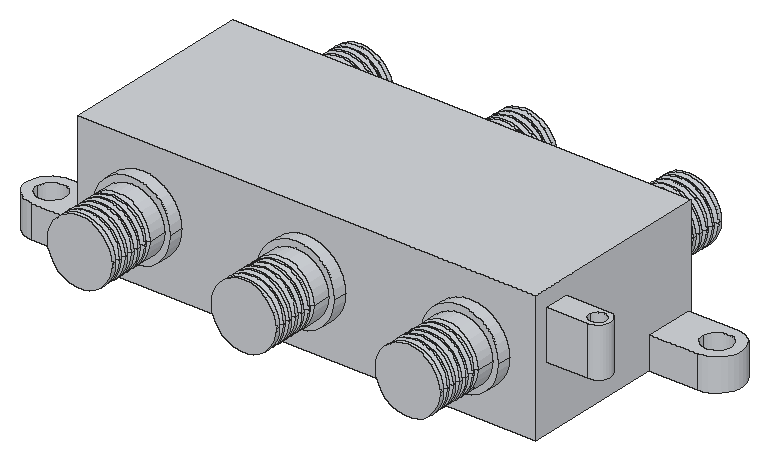
Revit family "Derivador 417-423-426", category Aparatos eléctricos, Revit 2019 (continued)
Automatic sketch dimensions
  Revolve 43 sketch curve to Revolve 43 sketch curve = 0.456 mm
  Revolve 43 sketch curve to Revolve 43 sketch curve = 0.912 mm
  Revolve 43 sketch curve to Revolve 43 sketch curve = 5.00 mm
  Revolve 43 sketch curve to Revolve 43 sketch curve = 0.97 mm
  Revolve 43 sketch curve to Revolve 43 sketch curve = 10.574 mm
  Revolve 44 sketch curve to Revolve 44 sketch curve = 0.79 mm
  Revolve 44 sketch curve to Revolve 44 sketch curve = 0.456 mm
  Revolve 44 sketch curve to Revolve 44 sketch curve = 0.912 mm
  Revolve 44 sketch curve to Revolve 44 sketch curve = 5.00 mm
  Revolve 44 sketch curve to Revolve 44 sketch curve = 2.082 mm
  Revolve 44 sketch curve to Revolve 44 sketch curve = 9.461 mm
  Revolve 45 sketch curve to Revolve 45 sketch curve = 0.79 mm
  Revolve 45 sketch curve to Revolve 45 sketch curve = 0.456 mm
  Revolve 46 sketch curve to Revolve 46 sketch curve = 0.79 mm
  Revolve 46 sketch curve to Revolve 46 sketch curve = 0.456 mm
  Revolve 46 sketch curve to Revolve 46 sketch curve = 4.21 mm
  Revolve 47 sketch curve to Revolve 47 sketch curve = 0.79 mm
  Revolve 47 sketch curve to Revolve 47 sketch curve = 0.456 mm
  Revolve 47 sketch curve to Revolve 47 sketch curve = 4.21 mm
  Revolve 47 sketch curve to Revolve 47 sketch curve = 4.318 mm
  Revolve 48 sketch curve to Revolve 48 sketch curve = 0.79 mm
  Revolve 48 sketch curve to Revolve 48 sketch curve = 0.456 mm
  Revolve 48 sketch curve to Revolve 48 sketch curve = 3.118 mm
  Revolve 45 sketch curve to Revolve 45 sketch curve = 0.912 mm
  Revolve 45 sketch curve to Revolve 45 sketch curve = 5.00 mm
  Revolve 45 sketch curve to Revolve 45 sketch curve = 3.282 mm
  Revolve 45 sketch curve to Revolve 45 sketch curve = 8.261 mm
  Revolve 46 sketch curve to Revolve 46 sketch curve = 0.912 mm
  Revolve 46 sketch curve to Revolve 46 sketch curve = 4.482 mm
  Revolve 46 sketch curve to Revolve 46 sketch curve = 5.518 mm
  Revolve 47 sketch curve to Revolve 47 sketch curve = 0.912 mm
  Revolve 47 sketch curve to Revolve 47 sketch curve = 5.682 mm
  Revolve 48 sketch curve to Revolve 48 sketch curve = 0.912 mm
  Revolve 48 sketch curve to Revolve 48 sketch curve = 4.21 mm
  Revolve 48 sketch curve to Revolve 48 sketch curve = 6.882 mm
  Revolve 51 sketch curve to Revolve 51 sketch curve = 0.79 mm
  Revolve 51 sketch curve to Revolve 51 sketch curve = 0.456 mm
  Revolve 51 sketch curve to Revolve 51 sketch curve = 0.912 mm
  Revolve 51 sketch curve to Revolve 51 sketch curve = 5.00 mm
  Revolve 51 sketch curve to Revolve 51 sketch curve = 0.97 mm
  Revolve 51 sketch curve to Revolve 51 sketch curve = 10.574 mm
  Revolve 52 sketch curve to Revolve 52 sketch curve = 0.79 mm
  Revolve 52 sketch curve to Revolve 52 sketch curve = 0.456 mm
  Revolve 52 sketch curve to Revolve 52 sketch curve = 0.912 mm
  Revolve 52 sketch curve to Revolve 52 sketch curve = 5.00 mm
  Revolve 52 sketch curve to Revolve 52 sketch curve = 2.082 mm
  Revolve 52 sketch curve to Revolve 52 sketch curve = 9.461 mm
  Revolve 53 sketch curve to Revolve 53 sketch curve = 0.79 mm
  Revolve 53 sketch curve to Revolve 53 sketch curve = 0.456 mm
  Revolve 54 sketch curve to Revolve 54 sketch curve = 0.79 mm
  Revolve 54 sketch curve to Revolve 54 sketch curve = 0.456 mm
  Revolve 54 sketch curve to Revolve 54 sketch curve = 4.21 mm
  Revolve 55 sketch curve to Revolve 55 sketch curve = 0.79 mm
  Revolve 55 sketch curve to Revolve 55 sketch curve = 0.456 mm
  Revolve 55 sketch curve to Revolve 55 sketch curve = 4.21 mm
  Revolve 55 sketch curve to Revolve 55 sketch curve = 4.318 mm
  Revolve 56 sketch curve to Revolve 56 sketch curve = 0.79 mm
  Revolve 56 sketch curve to Revolve 56 sketch curve = 0.456 mm
  Revolve 56 sketch curve to Revolve 56 sketch curve = 3.118 mm
  Revolve 53 sketch curve to Revolve 53 sketch curve = 0.912 mm
  Revolve 53 sketch curve to Revolve 53 sketch curve = 5.00 mm
  Revolve 53 sketch curve to Revolve 53 sketch curve = 3.282 mm
  Revolve 53 sketch curve to Revolve 53 sketch curve = 8.261 mm
  Revolve 54 sketch curve to Revolve 54 sketch curve = 0.912 mm
  Revolve 54 sketch curve to Revolve 54 sketch curve = 4.482 mm
  Revolve 54 sketch curve to Revolve 54 sketch curve = 5.518 mm
  Revolve 55 sketch curve to Revolve 55 sketch curve = 0.912 mm
  Revolve 55 sketch curve to Revolve 55 sketch curve = 5.682 mm
  Revolve 56 sketch curve to Revolve 56 sketch curve = 0.912 mm
  Revolve 56 sketch curve to Revolve 56 sketch curve = 4.21 mm
  Revolve 56 sketch curve to Revolve 56 sketch curve = 6.882 mm
  Extrusion 1 sketch curve to plane 4 "Centro I/E" = 0.00 mm
  Extrusion 1 sketch curve to plane 5 "Centro I/F" = 0.00 mm
  plane 7 "Centro I/H" to Extrusion 1 sketch curve = 0.00 mm
  plane 6 "Centro I/G" to Extrusion 1 sketch curve = 0.00 mm
  curve 1 to curve 2 = 3.75 mm
  curve 1 to curve 1 = 7.50 mm
  curve 3 to curve 1 = 0.00 mm
  curve 4 to curve 5 = 3.75 mm
  curve 4 to curve 4 = 7.50 mm
  curve 6 to curve 4 = 0.00 mm
  curve 7 to curve 8 = 3.75 mm
  curve 7 to curve 7 = 7.50 mm
  curve 9 to curve 7 = 0.00 mm
  Revolve 59 sketch curve to Revolve 59 sketch curve = 0.79 mm
  Revolve 59 sketch curve to Revolve 59 sketch curve = 0.456 mm
  Revolve 59 sketch curve to Revolve 59 sketch curve = 0.912 mm
  Revolve 59 sketch curve to Revolve 59 sketch curve = 5.00 mm
  Revolve 59 sketch curve to Revolve 59 sketch curve = 0.97 mm
  Revolve 59 sketch curve to Revolve 59 sketch curve = 10.574 mm
  Revolve 60 sketch curve to Revolve 60 sketch curve = 0.79 mm
  Revolve 60 sketch curve to Revolve 60 sketch curve = 0.456 mm
  Revolve 60 sketch curve to Revolve 60 sketch curve = 0.912 mm
  Revolve 60 sketch curve to Revolve 60 sketch curve = 5.00 mm
  Revolve 60 sketch curve to Revolve 60 sketch curve = 2.082 mm
  Revolve 60 sketch curve to Revolve 60 sketch curve = 9.461 mm
  Revolve 61 sketch curve to Revolve 61 sketch curve = 0.79 mm
  Revolve 61 sketch curve to Revolve 61 sketch curve = 0.456 mm
  Revolve 62 sketch curve to Revolve 62 sketch curve = 0.79 mm
  Revolve 62 sketch curve to Revolve 62 sketch curve = 0.456 mm
  Revolve 62 sketch curve to Revolve 62 sketch curve = 4.21 mm
  Revolve 63 sketch curve to Revolve 63 sketch curve = 0.79 mm
  Revolve 63 sketch curve to Revolve 63 sketch curve = 0.456 mm
  Revolve 63 sketch curve to Revolve 63 sketch curve = 4.21 mm
  Revolve 63 sketch curve to Revolve 63 sketch curve = 4.318 mm
  Revolve 64 sketch curve to Revolve 64 sketch curve = 0.79 mm
  Revolve 64 sketch curve to Revolve 64 sketch curve = 0.456 mm
  Revolve 64 sketch curve to Revolve 64 sketch curve = 3.118 mm
  Revolve 61 sketch curve to Revolve 61 sketch curve = 0.912 mm
  Revolve 61 sketch curve to Revolve 61 sketch curve = 5.00 mm
  Revolve 61 sketch curve to Revolve 61 sketch curve = 3.282 mm
  Revolve 61 sketch curve to Revolve 61 sketch curve = 8.261 mm
  Revolve 62 sketch curve to Revolve 62 sketch curve = 0.912 mm
  Revolve 62 sketch curve to Revolve 62 sketch curve = 4.482 mm
  Revolve 62 sketch curve to Revolve 62 sketch curve = 5.518 mm
  Revolve 63 sketch curve to Revolve 63 sketch curve = 0.912 mm
  Revolve 63 sketch curve to Revolve 63 sketch curve = 5.682 mm
  Revolve 64 sketch curve to Revolve 64 sketch curve = 0.912 mm
  Revolve 64 sketch curve to Revolve 64 sketch curve = 4.21 mm
  Revolve 64 sketch curve to Revolve 64 sketch curve = 6.882 mm
  Revolve 67 sketch curve to Revolve 67 sketch curve = 0.79 mm
  Revolve 67 sketch curve to Revolve 67 sketch curve = 0.456 mm
  Revolve 67 sketch curve to Revolve 67 sketch curve = 0.912 mm
  Revolve 67 sketch curve to Revolve 67 sketch curve = 5.00 mm
  Revolve 67 sketch curve to Revolve 67 sketch curve = 0.97 mm
  Revolve 67 sketch curve to Revolve 67 sketch curve = 10.574 mm
  Revolve 68 sketch curve to Revolve 68 sketch curve = 0.79 mm
  Revolve 68 sketch curve to Revolve 68 sketch curve = 0.456 mm
  Revolve 68 sketch curve to Revolve 68 sketch curve = 0.912 mm
  Revolve 68 sketch curve to Revolve 68 sketch curve = 5.00 mm
  Revolve 68 sketch curve to Revolve 68 sketch curve = 2.082 mm
  Revolve 68 sketch curve to Revolve 68 sketch curve = 9.461 mm
  Revolve 69 sketch curve to Revolve 69 sketch curve = 0.79 mm
  Revolve 69 sketch curve to Revolve 69 sketch curve = 0.456 mm
  Revolve 70 sketch curve to Revolve 70 sketch curve = 0.79 mm
  Revolve 70 sketch curve to Revolve 70 sketch curve = 0.456 mm
  Revolve 70 sketch curve to Revolve 70 sketch curve = 4.21 mm
  Revolve 71 sketch curve to Revolve 71 sketch curve = 0.79 mm
  Revolve 71 sketch curve to Revolve 71 sketch curve = 0.456 mm
  Revolve 71 sketch curve to Revolve 71 sketch curve = 4.21 mm
  Revolve 71 sketch curve to Revolve 71 sketch curve = 4.318 mm
  Revolve 72 sketch curve to Revolve 72 sketch curve = 0.79 mm
  Revolve 72 sketch curve to Revolve 72 sketch curve = 0.456 mm
  Revolve 72 sketch curve to Revolve 72 sketch curve = 3.118 mm
  Revolve 69 sketch curve to Revolve 69 sketch curve = 0.912 mm
  Revolve 69 sketch curve to Revolve 69 sketch curve = 5.00 mm
  Revolve 69 sketch curve to Revolve 69 sketch curve = 3.282 mm
  Revolve 69 sketch curve to Revolve 69 sketch curve = 8.261 mm
  Revolve 70 sketch curve to Revolve 70 sketch curve = 0.912 mm
  Revolve 70 sketch curve to Revolve 70 sketch curve = 4.482 mm
  Revolve 70 sketch curve to Revolve 70 sketch curve = 5.518 mm
  Revolve 71 sketch curve to Revolve 71 sketch curve = 0.912 mm
  Revolve 71 sketch curve to Revolve 71 sketch curve = 5.682 mm
  Revolve 72 sketch curve to Revolve 72 sketch curve = 0.912 mm
  Revolve 72 sketch curve to Revolve 72 sketch curve = 4.21 mm
  Revolve 72 sketch curve to Revolve 72 sketch curve = 6.882 mm
  curve 10 to curve 12 = 10.00 mm
  curve 11 to curve 12 = 10.00 mm
  curve 10 to curve 10 = 10.00 mm
  curve 13 to curve 15 = 10.00 mm
  curve 14 to curve 15 = 10.00 mm
  curve 13 to curve 13 = 10.00 mm
  curve 16 to curve 18 = 10.00 mm
  curve 17 to curve 18 = 10.00 mm
  curve 16 to curve 16 = 10.00 mm
  curve 19 to curve 21 = 10.00 mm
  curve 20 to curve 21 = 10.00 mm
  curve 19 to curve 19 = 10.00 mm
  curve 22 to curve 24 = 10.00 mm
  curve 22 to curve 22 = 10.00 mm
  curve 24 to curve 23 = 10.00 mm
  curve 25 to curve 27 = 10.00 mm
  curve 25 to curve 25 = 10.00 mm
  curve 27 to curve 26 = 10.00 mm
  curve 28 to curve 30 = 10.00 mm
  curve 28 to curve 28 = 10.00 mm
  curve 30 to curve 29 = 10.00 mm
  curve 31 to curve 33 = 10.00 mm
  curve 31 to curve 31 = 10.00 mm
  curve 33 to curve 32 = 10.00 mm
  curve 35 to curve 35 = 1.956 mm
  curve 34 to curve 34 = 6.519 mm
  curve 36 to curve 34 = 0.00 mm
  curve 38 to curve 38 = 1.956 mm
  curve 37 to curve 37 = 6.519 mm
  curve 39 to curve 37 = 0.00 mm
  curve 166 to curve 161 = 0.00 mm
  curve 160 to curve 160 = 0.528 mm
  curve 158 to curve 157 = 0.762 mm
  curve 157 to curve 164 = 0.297 mm
  curve 163 to curve 167 = 0.066 mm
  curve 157 to curve 168 = 0.534 mm
  curve 168 to curve 156 = 0.131 mm
  curve 156 to curve 156 = 0.766 mm
  curve 167 to curve 251 = 1.141 mm
  curve 250 to curve 249 = 0.208 mm
  curve 250 to curve 252 = 0.451 mm
  curve 248 to curve 236 = 0.034 mm
  curve 169 to curve 170 = 0.555 mm
  curve 248 to curve 236 = 0.957 mm
  curve 235 to curve 170 = 0.219 mm
  curve 254 to curve 254 = 0.153 mm
  curve 254 to curve 235 = 0.047 mm
  curve 254 to curve 233 = 0.153 mm
  curve 235 to curve 234 = 0.421 mm
  curve 169 to curve 253 = 1.622 mm
  curve 234 to curve 173 = 0.892 mm
  curve 233 to curve 234 = 0.494 mm
  curve 234 to curve 223 = 0.033 mm
  curve 234 to curve 218 = 0.145 mm
  curve 223 to curve 221 = 0.253 mm
  curve 234 to curve 175 = 0.469 mm
  curve 175 to curve 174 = 0.035 mm
  curve 220 to curve 220 = 0.231 mm
  curve 173 to curve 171 = 0.544 mm
  curve 172 to curve 178 = 0.167 mm
  curve 220 to curve 219 = 0.239 mm
  curve 220 to curve 218 = 0.03 mm
  curve 218 to curve 258 = 0.262 mm
  curve 174 to curve 175 = 1.005 mm
  curve 175 to curve 176 = 0.019 mm
  curve 176 to curve 177 = 0.019 mm
  curve 177 to curve 179 = 0.521 mm
  curve 224 to curve 225 = 2.403 mm
  curve 219 to curve 219 = 1.704 mm
  curve 171 to curve 182 = 0.451 mm
  curve 176 to curve 217 = 1.04 mm
  curve 226 to curve 223 = 0.091 mm
  curve 219 to curve 261 = 0.132 mm
  curve 226 to curve 226 = 0.224 mm
  curve 223 to curve 260 = 0.186 mm
  curve 216 to curve 256 = 0.198 mm
  curve 219 to curve 255 = 0.264 mm
  curve 223 to curve 222 = 0.25 mm
  curve 257 to curve 257 = 0.079 mm
  curve 256 to curve 216 = 0.085 mm
  curve 257 to curve 213 = 0.079 mm
  curve 183 to curve 184 = 0.423 mm
  curve 226 to curve 227 = 0.265 mm
  curve 183 to curve 180 = 0.477 mm
  curve 180 to curve 183 = 0.103 mm
  curve 216 to curve 215 = 0.283 mm
  curve 183 to curve 237 = 0.078 mm
  curve 183 to curve 239 = 0.15 mm
  curve 261 to curve 230 = 0.785 mm
  curve 239 to curve 237 = 0.716 mm
  curve 260 to curve 222 = 1.428 mm
  curve 184 to curve 188 = 0.222 mm
  curve 229 to curve 259 = 0.771 mm
  curve 255 to curve 259 = 0.177 mm
  curve 232 to curve 213 = 0.184 mm
  curve 187 to curve 189 = 0.491 mm
  curve 242 to curve 186 = 0.058 mm
  curve 186 to curve 185 = 0.094 mm
  curve 213 to curve 214 = 0.215 mm
  curve 242 to curve 242 = 0.296 mm
  curve 214 to curve 215 = 0.215 mm
  curve 221 to curve 229 = 0.971 mm
  curve 232 to curve 232 = 0.687 mm
  curve 241 to curve 241 = 1.19 mm
  curve 185 to curve 246 = 0.35 mm
  curve 244 to curve 191 = 0.244 mm
  curve 244 to curve 190 = 0.487 mm
  curve 190 to curve 201 = 0.395 mm
  curve 192 to curve 193 = 0.505 mm
  curve 193 to curve 195 = 0.728 mm
  curve 195 to curve 199 = 0.096 mm
  curve 194 to curve 200 = 0.38 mm
  curve 195 to curve 197 = 0.571 mm
  curve 196 to curve 198 = 0.498 mm
  curve 197 to curve 204 = 0.342 mm
  curve 205 to curve 206 = 0.473 mm
  curve 205 to curve 205 = 0.513 mm
  curve 203 to curve 203 = 0.526 mm
  curve 203 to curve 208 = 0.167 mm
  curve 205 to curve 206 = 1.00 mm
  curve 207 to curve 207 = 0.019 mm
  curve 207 to curve 208 = 0.019 mm
  curve 208 to curve 247 = 0.521 mm
  curve 248 to curve 192 = 0.00 mm
  curve 190 to curve 192 = 0.00 mm
  curve 159 to curve 156 = 0.00 mm
  curve 192 to curve 196 = 0.00 mm
  curve 197 to curve 247 = 0.00 mm
  curve 243 to curve 244 = 0.00 mm
  curve 240 to curve 185 = 0.00 mm
  curve 171 to curve 181 = 0.054 mm
  curve 248 to curve 236 = 0.264 mm
  curve 236 to curve 234 = 0.006 mm
  curve 202 to curve 247 = 0.481 mm
  curve 171 to curve 240 = 0.481 mm
  curve 209 to curve 203 = 0.045 mm
  curve 185 to curve 241 = 0.529 mm
  curve 242 to curve 186 = 0.015 mm
  curve 179 to curve 172 = 0.063 mm
  curve 209 to curve 209 = 0.208 mm
  curve 179 to curve 178 = 0.208 mm
  curve 235 to curve 170 = 0.23 mm
  curve 254 to curve 254 = 0.057 mm
  curve 186 to curve 189 = 0.273 mm
  curve 159 to curve 158 = 1.074 mm
  curve 158 to curve 157 = 0.007 mm
  curve 157 to curve 168 = 0.047 mm
  curve 196 to curve 195 = 1.145 mm
  curve 195 to curve 199 = 0.077 mm
  curve 199 to curve 196 = 0.066 mm
  curve 186 to curve 239 = 0.852 mm
  curve 208 to curve 207 = 0.653 mm
  curve 176 to curve 176 = 0.655 mm
  curve 158 to curve 162 = 0.537 mm
  curve 183 to curve 237 = 0.071 mm
  curve 162 to curve 163 = 0.327 mm
  curve 163 to curve 167 = 0.025 mm
  curve 167 to curve 251 = 0.256 mm
  curve 200 to curve 244 = 0.066 mm
  curve 248 to curve 169 = 0.036 mm
  curve 174 to curve 253 = 0.567 mm
  curve 250 to curve 249 = 0.48 mm
  curve 190 to curve 191 = 0.48 mm
  curve 184 to curve 187 = 0.577 mm
  curve 184 to curve 217 = 1.486 mm
  curve 215 to curve 216 = 0.485 mm
  curve 216 to curve 213 = 0.487 mm
  curve 213 to curve 257 = 0.114 mm
  curve 188 to curve 215 = 2.071 mm
  curve 214 to curve 214 = 0.391 mm
  curve 256 to curve 217 = 0.633 mm
  curve 217 to curve 258 = 0.516 mm
  curve 256 to curve 258 = 0.414 mm
  curve 214 to curve 259 = 0.624 mm
  curve 218 to curve 219 = 0.453 mm
  curve 232 to curve 232 = 0.429 mm
  curve 232 to curve 259 = 0.454 mm
  curve 219 to curve 220 = 0.425 mm
  curve 231 to curve 231 = 0.574 mm
  curve 255 to curve 261 = 0.692 mm
  curve 261 to curve 255 = 0.234 mm
  curve 261 to curve 229 = 0.572 mm
  curve 220 to curve 224 = 1.445 mm
  curve 229 to curve 228 = 0.918 mm
  curve 228 to curve 222 = 0.53 mm
  curve 223 to curve 224 = 1.024 mm
  curve 221 to curve 260 = 0.346 mm
  curve 228 to curve 227 = 1.054 mm
  curve 260 to curve 223 = 0.339 mm
  curve 222 to curve 226 = 0.556 mm
  curve 226 to curve 227 = 0.376 mm
  curve 212 to curve 176 = 0.431 mm
  curve 176 to curve 212 = 0.172 mm
  curve 211 to curve 207 = 0.431 mm
  curve 207 to curve 211 = 0.172 mm
  curve 211 to curve 207 = 0.06 mm
  curve 212 to curve 176 = 0.062 mm
  curve 317 to curve 312 = 0.00 mm
  curve 311 to curve 311 = 0.528 mm
  curve 309 to curve 308 = 0.762 mm
  curve 308 to curve 315 = 0.297 mm
  curve 314 to curve 318 = 0.066 mm
  curve 308 to curve 319 = 0.534 mm
  curve 319 to curve 307 = 0.131 mm
  curve 307 to curve 307 = 0.766 mm
  curve 318 to curve 402 = 1.141 mm
  curve 401 to curve 400 = 0.208 mm
  curve 401 to curve 403 = 0.451 mm
  curve 399 to curve 387 = 0.034 mm
  curve 320 to curve 321 = 0.555 mm
  curve 399 to curve 387 = 0.957 mm
  curve 386 to curve 321 = 0.219 mm
  curve 405 to curve 405 = 0.153 mm
  curve 405 to curve 386 = 0.047 mm
  curve 405 to curve 384 = 0.153 mm
  curve 386 to curve 385 = 0.421 mm
  curve 320 to curve 404 = 1.622 mm
  curve 385 to curve 324 = 0.892 mm
  curve 384 to curve 385 = 0.494 mm
  curve 385 to curve 374 = 0.033 mm
  curve 385 to curve 369 = 0.145 mm
  curve 374 to curve 372 = 0.253 mm
  curve 385 to curve 326 = 0.469 mm
  curve 326 to curve 325 = 0.035 mm
  curve 371 to curve 371 = 0.231 mm
  curve 324 to curve 322 = 0.544 mm
  curve 323 to curve 329 = 0.167 mm
  curve 371 to curve 370 = 0.239 mm
  curve 371 to curve 369 = 0.03 mm
  curve 369 to curve 409 = 0.262 mm
  curve 325 to curve 326 = 1.005 mm
  curve 326 to curve 327 = 0.019 mm
  curve 327 to curve 328 = 0.019 mm
  curve 328 to curve 330 = 0.521 mm
  curve 375 to curve 376 = 2.403 mm
  curve 370 to curve 370 = 1.704 mm
  curve 322 to curve 333 = 0.451 mm
  curve 327 to curve 368 = 1.04 mm
  curve 377 to curve 374 = 0.091 mm
  curve 370 to curve 412 = 0.132 mm
  curve 377 to curve 377 = 0.224 mm
  curve 374 to curve 411 = 0.186 mm
  curve 367 to curve 407 = 0.198 mm
  curve 370 to curve 406 = 0.264 mm
  curve 374 to curve 373 = 0.25 mm
  curve 408 to curve 408 = 0.079 mm
  curve 407 to curve 367 = 0.085 mm
  curve 408 to curve 364 = 0.079 mm
  curve 334 to curve 335 = 0.423 mm
  curve 377 to curve 378 = 0.265 mm
  curve 334 to curve 331 = 0.477 mm
  curve 331 to curve 334 = 0.103 mm
  curve 367 to curve 366 = 0.283 mm
  curve 334 to curve 388 = 0.078 mm
  curve 334 to curve 390 = 0.15 mm
  curve 412 to curve 381 = 0.785 mm
  curve 390 to curve 388 = 0.716 mm
  curve 411 to curve 373 = 1.428 mm
  curve 335 to curve 339 = 0.222 mm
  curve 380 to curve 410 = 0.771 mm
  curve 406 to curve 410 = 0.177 mm
  curve 383 to curve 364 = 0.184 mm
  curve 338 to curve 340 = 0.491 mm
  curve 393 to curve 337 = 0.058 mm
  curve 337 to curve 336 = 0.094 mm
  curve 364 to curve 365 = 0.215 mm
  curve 393 to curve 393 = 0.296 mm
  curve 365 to curve 366 = 0.215 mm
  curve 372 to curve 380 = 0.971 mm
  curve 383 to curve 383 = 0.687 mm
  curve 392 to curve 392 = 1.19 mm
  curve 336 to curve 397 = 0.35 mm
  curve 395 to curve 342 = 0.244 mm
  curve 395 to curve 341 = 0.487 mm
  curve 341 to curve 352 = 0.395 mm
  curve 343 to curve 344 = 0.505 mm
  curve 344 to curve 346 = 0.728 mm
  curve 346 to curve 350 = 0.096 mm
  curve 345 to curve 351 = 0.38 mm
  curve 346 to curve 348 = 0.571 mm
  curve 347 to curve 349 = 0.498 mm
  curve 348 to curve 355 = 0.342 mm
  curve 356 to curve 357 = 0.473 mm
  curve 356 to curve 356 = 0.513 mm
  curve 354 to curve 354 = 0.526 mm
  curve 354 to curve 359 = 0.167 mm
  curve 356 to curve 357 = 1.00 mm
  curve 358 to curve 358 = 0.019 mm
  curve 358 to curve 359 = 0.019 mm
  curve 359 to curve 398 = 0.521 mm
  curve 399 to curve 343 = 0.00 mm
  curve 341 to curve 343 = 0.00 mm
  curve 310 to curve 307 = 0.00 mm
  curve 343 to curve 347 = 0.00 mm
  curve 348 to curve 398 = 0.00 mm
  curve 394 to curve 395 = 0.00 mm
  curve 391 to curve 336 = 0.00 mm
  curve 322 to curve 332 = 0.054 mm
  curve 399 to curve 387 = 0.264 mm
  curve 387 to curve 385 = 0.006 mm
  curve 353 to curve 398 = 0.481 mm
  curve 322 to curve 391 = 0.481 mm
  curve 360 to curve 354 = 0.045 mm
  curve 336 to curve 392 = 0.529 mm
  curve 393 to curve 337 = 0.015 mm
  curve 330 to curve 323 = 0.063 mm
  curve 360 to curve 360 = 0.208 mm
  curve 330 to curve 329 = 0.208 mm
  curve 386 to curve 321 = 0.23 mm
  curve 405 to curve 405 = 0.057 mm
  curve 337 to curve 340 = 0.273 mm
  curve 310 to curve 309 = 1.074 mm
  curve 309 to curve 308 = 0.007 mm
  curve 308 to curve 319 = 0.047 mm
  curve 347 to curve 346 = 1.145 mm
  curve 346 to curve 350 = 0.077 mm
  curve 350 to curve 347 = 0.066 mm
  curve 337 to curve 390 = 0.852 mm
  curve 359 to curve 358 = 0.653 mm
  curve 327 to curve 327 = 0.655 mm
  curve 309 to curve 313 = 0.537 mm
  curve 334 to curve 388 = 0.071 mm
  curve 313 to curve 314 = 0.327 mm
  curve 314 to curve 318 = 0.025 mm
  curve 318 to curve 402 = 0.256 mm
  curve 351 to curve 395 = 0.066 mm
  curve 399 to curve 320 = 0.036 mm
  curve 325 to curve 404 = 0.567 mm
  curve 401 to curve 400 = 0.48 mm
  curve 341 to curve 342 = 0.48 mm
  curve 335 to curve 338 = 0.577 mm
  curve 335 to curve 368 = 1.486 mm
  curve 366 to curve 367 = 0.485 mm
  curve 367 to curve 364 = 0.487 mm
  curve 364 to curve 408 = 0.114 mm
  curve 339 to curve 366 = 2.071 mm
  curve 365 to curve 365 = 0.391 mm
  curve 407 to curve 368 = 0.633 mm
  curve 368 to curve 409 = 0.516 mm
  curve 407 to curve 409 = 0.414 mm
  curve 365 to curve 410 = 0.624 mm
  curve 369 to curve 370 = 0.453 mm
  curve 383 to curve 383 = 0.429 mm
  curve 383 to curve 410 = 0.454 mm
  curve 370 to curve 371 = 0.425 mm
  curve 382 to curve 382 = 0.574 mm
  curve 406 to curve 412 = 0.692 mm
  curve 412 to curve 406 = 0.234 mm
  curve 412 to curve 380 = 0.572 mm
  curve 371 to curve 375 = 1.445 mm
  curve 380 to curve 379 = 0.918 mm
  curve 379 to curve 373 = 0.53 mm
  curve 374 to curve 375 = 1.024 mm
  curve 372 to curve 411 = 0.346 mm
  curve 379 to curve 378 = 1.054 mm
  curve 411 to curve 374 = 0.339 mm
  curve 373 to curve 377 = 0.556 mm
  curve 377 to curve 378 = 0.376 mm
  curve 363 to curve 327 = 0.431 mm
  curve 327 to curve 363 = 0.172 mm
  curve 362 to curve 358 = 0.431 mm
  curve 358 to curve 362 = 0.172 mm
  curve 362 to curve 358 = 0.06 mm
  curve 363 to curve 327 = 0.062 mm
  curve 271 to curve 267 = 0.00 mm
  curve 271 to curve 79 = 0.023 mm
  curve 267 to curve 264 = 0.431 mm
  curve 78 to curve 74 = 0.857 mm
  curve 264 to curve 264 = 0.621 mm
  curve 263 to curve 270 = 0.242 mm
  curve 269 to curve 273 = 0.054 mm
  curve 263 to curve 274 = 0.436 mm
  curve 274 to curve 262 = 0.107 mm
  curve 262 to curve 274 = 0.625 mm
  curve 274 to curve 277 = 0.412 mm
  curve 74 to curve 155 = 1.925 mm
  curve 277 to curve 276 = 0.228 mm
  curve 277 to curve 278 = 0.426 mm
  curve 275 to curve 286 = 0.307 mm
  curve 280 to curve 280 = 0.628 mm
  curve 84 to curve 81 = 1.411 mm
  curve 81 to curve 83 = 0.027 mm
  curve 82 to curve 73 = 1.65 mm
  curve 74 to curve 79 = 0.052 mm
  curve 281 to curve 282 = 0.536 mm
  curve 283 to curve 287 = 0.621 mm
  curve 284 to curve 290 = 0.249 mm
  curve 290 to curve 292 = 0.396 mm
  curve 290 to curve 291 = 0.425 mm
  curve 289 to curve 289 = 0.443 mm
  curve 289 to curve 296 = 0.136 mm
  curve 292 to curve 292 = 0.82 mm
  curve 292 to curve 293 = 0.015 mm
  curve 293 to curve 294 = 0.015 mm
  curve 294 to curve 303 = 0.424 mm
  curve 292 to curve 299 = 0.727 mm
  curve 299 to curve 300 = 0.40 mm
  curve 300 to curve 76 = 0.018 mm
  curve 305 to curve 298 = 0.048 mm
  curve 298 to curve 297 = 0.077 mm
  curve 301 to curve 305 = 0.242 mm
  curve 73 to curve 83 = 3.606 mm
  curve 300 to curve 77 = 0.905 mm
  curve 304 to curve 304 = 0.97 mm
  curve 275 to curve 281 = 0.017 mm
  curve 282 to curve 297 = 0.043 mm
  curve 303 to curve 297 = 0.00 mm
  curve 277 to curve 266 = 0.06 mm
  curve 277 to curve 262 = 0.06 mm
  curve 289 to curve 296 = 0.392 mm
  curve 297 to curve 304 = 0.431 mm
  curve 305 to curve 298 = 0.012 mm
  curve 296 to curve 289 = 0.052 mm
  curve 296 to curve 295 = 0.169 mm
  curve 298 to curve 301 = 0.223 mm
  curve 265 to curve 265 = 0.876 mm
  curve 264 to curve 264 = 0.005 mm
  curve 263 to curve 274 = 0.038 mm
  curve 294 to curve 293 = 0.534 mm
  curve 264 to curve 267 = 0.438 mm
  curve 268 to curve 269 = 0.266 mm
  curve 269 to curve 273 = 0.02 mm
  curve 291 to curve 281 = 0.366 mm
  curve 291 to curve 287 = 0.366 mm
  curve 280 to curve 278 = 0.008 mm
  curve 275 to curve 276 = 0.392 mm
  curve 292 to curve 301 = 0.451 mm
  curve 284 to curve 287 = 0.536 mm
  curve 300 to curve 77 = 0.37 mm
  curve 272 to curve 74 = 0.891 mm
  curve 285 to curve 83 = 1.45 mm
  curve 84 to curve 82 = 1.465 mm
  curve 81 to curve 84 = 0.298 mm
  curve 84 to curve 155 = 0.644 mm
  curve 82 to curve 81 = 3.417 mm
  curve 82 to curve 74 = 2.948 mm
  curve 74 to curve 80 = 0.911 mm
  curve 82 to curve 73 = 1.642 mm
  curve 73 to curve 76 = 0.288 mm
  curve 73 to curve 80 = 0.35 mm
  curve 302 to curve 293 = 0.352 mm
  curve 80 to curve 77 = 0.236 mm
  curve 293 to curve 302 = 0.14 mm
  curve 302 to curve 293 = 0.051 mm
  curve 435 to curve 431 = 0.00 mm
  curve 435 to curve 419 = 0.023 mm
  curve 431 to curve 428 = 0.431 mm
  curve 418 to curve 414 = 0.857 mm
  curve 428 to curve 428 = 0.621 mm
  curve 427 to curve 434 = 0.242 mm
  curve 433 to curve 437 = 0.054 mm
  curve 427 to curve 438 = 0.436 mm
  curve 438 to curve 426 = 0.107 mm
  curve 426 to curve 438 = 0.625 mm
  curve 438 to curve 441 = 0.412 mm
  curve 414 to curve 425 = 1.925 mm
  curve 441 to curve 440 = 0.228 mm
  curve 441 to curve 442 = 0.426 mm
  curve 439 to curve 450 = 0.307 mm
  curve 444 to curve 444 = 0.628 mm
  curve 424 to curve 421 = 1.411 mm
  curve 421 to curve 423 = 0.027 mm
  curve 422 to curve 413 = 1.65 mm
  curve 414 to curve 419 = 0.052 mm
  curve 445 to curve 446 = 0.536 mm
  curve 447 to curve 451 = 0.621 mm
  curve 448 to curve 454 = 0.249 mm
  curve 454 to curve 456 = 0.396 mm
  curve 454 to curve 455 = 0.425 mm
  curve 453 to curve 453 = 0.443 mm
  curve 453 to curve 460 = 0.136 mm
  curve 456 to curve 456 = 0.82 mm
  curve 456 to curve 457 = 0.015 mm
  curve 457 to curve 458 = 0.015 mm
  curve 458 to curve 467 = 0.424 mm
  curve 456 to curve 463 = 0.727 mm
  curve 463 to curve 464 = 0.40 mm
  curve 464 to curve 416 = 0.018 mm
  curve 469 to curve 462 = 0.048 mm
  curve 462 to curve 461 = 0.077 mm
  curve 465 to curve 469 = 0.242 mm
  curve 413 to curve 423 = 3.606 mm
  curve 464 to curve 417 = 0.905 mm
  curve 468 to curve 468 = 0.97 mm
  curve 439 to curve 445 = 0.017 mm
  curve 446 to curve 461 = 0.043 mm
  curve 467 to curve 461 = 0.00 mm
  curve 441 to curve 430 = 0.06 mm
  curve 441 to curve 426 = 0.06 mm
  curve 453 to curve 460 = 0.392 mm
  curve 461 to curve 468 = 0.431 mm
  curve 469 to curve 462 = 0.012 mm
  curve 460 to curve 453 = 0.052 mm
  curve 460 to curve 459 = 0.169 mm
  curve 462 to curve 465 = 0.223 mm
  curve 429 to curve 429 = 0.876 mm
  curve 428 to curve 428 = 0.005 mm
  curve 427 to curve 438 = 0.038 mm
  curve 458 to curve 457 = 0.534 mm
  curve 428 to curve 431 = 0.438 mm
  curve 432 to curve 433 = 0.266 mm
  curve 433 to curve 437 = 0.02 mm
  curve 455 to curve 445 = 0.366 mm
  curve 455 to curve 451 = 0.366 mm
  curve 444 to curve 442 = 0.008 mm
  curve 439 to curve 440 = 0.392 mm
  curve 456 to curve 465 = 0.451 mm
  curve 448 to curve 451 = 0.536 mm
  curve 464 to curve 417 = 0.37 mm
  curve 436 to curve 414 = 0.891 mm
  curve 449 to curve 423 = 1.45 mm
  curve 424 to curve 422 = 1.465 mm
  curve 421 to curve 424 = 0.298 mm
  curve 424 to curve 425 = 0.644 mm
  curve 422 to curve 421 = 3.417 mm
  curve 422 to curve 414 = 2.948 mm
  curve 414 to curve 420 = 0.911 mm
  curve 422 to curve 413 = 1.642 mm
  curve 413 to curve 416 = 0.288 mm
  curve 413 to curve 420 = 0.35 mm
  curve 466 to curve 457 = 0.352 mm
  curve 420 to curve 417 = 0.236 mm
  curve 457 to curve 466 = 0.14 mm
  curve 466 to curve 457 = 0.051 mm
  curve 119 to curve 139 = 0.00 mm  (x2)
  curve 121 to curve 136 = 0.00 mm  (x2)
  curve 131 to curve 144 = 0.243 mm
  curve 131 to curve 119 = 1.15 mm
  curve 130 to curve 151 = 1.047 mm
  curve 150 to curve 146 = 0.408 mm
  curve 119 to curve 122 = 1.377 mm
  curve 122 to curve 138 = 0.169 mm
  curve 146 to curve 150 = 0.923 mm
  curve 146 to curve 149 = 0.00 mm
  curve 146 to curve 152 = 0.956 mm
  curve 153 to curve 153 = 0.088 mm
  curve 134 to curve 136 = 0.663 mm
  curve 145 to curve 147 = 0.715 mm
  curve 147 to curve 154 = 0.06 mm
  curve 154 to curve 149 = 0.06 mm
  curve 121 to curve 135 = 0.665 mm
  curve 135 to curve 137 = 0.169 mm
  curve 120 to curve 141 = 0.166 mm
  curve 145 to curve 129 = 2.136 mm
  curve 121 to curve 124 = 0.79 mm
  curve 128 to curve 143 = 0.242 mm
  curve 143 to curve 133 = 0.242 mm
  curve 123 to curve 126 = 0.534 mm
  curve 126 to curve 142 = 0.618 mm
  curve 149 to curve 147 = 0.239 mm
  curve 146 to curve 143 = 0.664 mm
  curve 147 to curve 144 = 0.678 mm
  curve 143 to curve 149 = 0.141 mm
  curve 154 to curve 154 = 0.06 mm
  curve 147 to curve 146 = 0.923 mm
  curve 146 to curve 151 = 0.169 mm
  curve 151 to curve 152 = 1.641 mm
  curve 145 to curve 128 = 0.338 mm
  curve 129 to curve 131 = 0.434 mm
  curve 132 to curve 125 = 1.006 mm
  curve 124 to curve 121 = 0.981 mm
  curve 121 to curve 119 = 0.126 mm
  curve 121 to curve 124 = 0.794 mm
  curve 123 to curve 142 = 0.00 mm
  curve 123 to curve 137 = 0.348 mm
  curve 121 to curve 138 = 1.124 mm
  curve 127 to curve 140 = 0.534 mm
  curve 505 to curve 525 = 0.00 mm  (x2)
  curve 507 to curve 522 = 0.00 mm  (x2)
  curve 517 to curve 530 = 0.243 mm
  curve 517 to curve 505 = 1.15 mm
  curve 516 to curve 537 = 1.047 mm
  curve 536 to curve 532 = 0.408 mm
  curve 505 to curve 508 = 1.377 mm
  curve 508 to curve 524 = 0.169 mm
  curve 532 to curve 536 = 0.923 mm
  curve 532 to curve 535 = 0.00 mm
  curve 532 to curve 538 = 0.956 mm
  curve 539 to curve 539 = 0.088 mm
  curve 520 to curve 522 = 0.663 mm
  curve 531 to curve 533 = 0.715 mm
  curve 533 to curve 540 = 0.06 mm
  curve 540 to curve 535 = 0.06 mm
  curve 507 to curve 521 = 0.665 mm
  curve 521 to curve 523 = 0.169 mm
  curve 506 to curve 527 = 0.166 mm
  curve 531 to curve 515 = 2.136 mm
  curve 507 to curve 510 = 0.79 mm
  curve 514 to curve 529 = 0.242 mm
  curve 529 to curve 519 = 0.242 mm
  curve 509 to curve 512 = 0.534 mm
  curve 512 to curve 528 = 0.618 mm
  curve 535 to curve 533 = 0.239 mm
  curve 532 to curve 529 = 0.664 mm
  curve 533 to curve 530 = 0.678 mm
  curve 529 to curve 535 = 0.141 mm
  curve 540 to curve 540 = 0.06 mm
  curve 533 to curve 532 = 0.923 mm
  curve 532 to curve 537 = 0.169 mm
  curve 537 to curve 538 = 1.641 mm
  curve 531 to curve 514 = 0.338 mm
  curve 515 to curve 517 = 0.434 mm
  curve 518 to curve 511 = 1.006 mm
  curve 510 to curve 507 = 0.981 mm
  curve 507 to curve 505 = 0.126 mm
  curve 507 to curve 510 = 0.794 mm
  curve 509 to curve 528 = 0.00 mm
  curve 509 to curve 523 = 0.348 mm
  curve 507 to curve 524 = 1.124 mm
  curve 513 to curve 526 = 0.534 mm
  curve 67 to curve 68 = 0.00 mm  (x2)
  curve 67 to curve 69 = 0.711 mm
  curve 69 to curve 67 = 0.392 mm
  curve 67 to curve 45 = 3.323 mm
  curve 45 to curve 46 = 0.007 mm
  curve 45 to curve 44 = 0.098 mm
  curve 46 to curve 47 = 0.105 mm
  curve 45 to curve 41 = 0.208 mm
  curve 46 to curve 50 = 0.201 mm
  curve 49 to curve 49 = 1.675 mm
  curve 51 to curve 48 = 0.00 mm
  curve 42 to curve 40 = 0.00 mm
  curve 47 to curve 58 = 0.727 mm
  curve 43 to curve 63 = 0.727 mm
  curve 57 to curve 56 = 0.721 mm
  curve 55 to curve 55 = 1.04 mm
  curve 54 to curve 60 = 0.405 mm
  curve 61 to curve 63 = 0.09 mm
  curve 54 to curve 65 = 0.73 mm
  curve 65 to curve 53 = 0.099 mm
  curve 53 to curve 53 = 1.023 mm
  curve 58 to curve 53 = 0.00 mm
  curve 47 to curve 57 = 0.00 mm
  curve 66 to curve 47 = 0.00 mm
  curve 47 to curve 48 = 0.351 mm
  curve 67 to curve 69 = 0.462 mm
  curve 49 to curve 46 = 0.215 mm
  curve 46 to curve 50 = 0.186 mm
  curve 56 to curve 56 = 1.337 mm
  curve 55 to curve 55 = 0.009 mm
  curve 54 to curve 65 = 0.064 mm
  curve 51 to curve 52 = 0.316 mm
  curve 69 to curve 67 = 1.395 mm
  curve 64 to curve 59 = 0.66 mm
  curve 60 to curve 60 = 0.446 mm
  curve 41 to curve 41 = 0.39 mm
  curve 60 to curve 64 = 0.034 mm
  curve 45 to curve 42 = 0.193 mm
  curve 42 to curve 43 = 0.348 mm
  curve 568 to curve 569 = 0.00 mm  (x2)
  curve 568 to curve 570 = 0.711 mm
  curve 570 to curve 568 = 0.392 mm
  curve 568 to curve 546 = 3.323 mm
  curve 546 to curve 547 = 0.007 mm
  curve 546 to curve 545 = 0.098 mm
  curve 547 to curve 548 = 0.105 mm
  curve 546 to curve 542 = 0.208 mm
  curve 547 to curve 551 = 0.201 mm
  curve 550 to curve 550 = 1.675 mm
  curve 552 to curve 549 = 0.00 mm
  curve 543 to curve 541 = 0.00 mm
  curve 548 to curve 559 = 0.727 mm
  curve 544 to curve 564 = 0.727 mm
  curve 558 to curve 557 = 0.721 mm
  curve 556 to curve 556 = 1.04 mm
  curve 555 to curve 561 = 0.405 mm
  curve 562 to curve 564 = 0.09 mm
  curve 555 to curve 566 = 0.73 mm
  curve 566 to curve 554 = 0.099 mm
  curve 554 to curve 554 = 1.023 mm
  curve 559 to curve 554 = 0.00 mm
  curve 548 to curve 558 = 0.00 mm
  curve 567 to curve 548 = 0.00 mm
  curve 548 to curve 549 = 0.351 mm
  curve 568 to curve 570 = 0.462 mm
  curve 550 to curve 547 = 0.215 mm
  curve 547 to curve 551 = 0.186 mm
  curve 557 to curve 557 = 1.337 mm
  curve 556 to curve 556 = 0.009 mm
  curve 555 to curve 566 = 0.064 mm
  curve 552 to curve 553 = 0.316 mm
  curve 570 to curve 568 = 1.395 mm
  curve 565 to curve 560 = 0.66 mm
  curve 561 to curve 561 = 0.446 mm
  curve 542 to curve 542 = 0.39 mm
  curve 561 to curve 565 = 0.034 mm
  curve 546 to curve 543 = 0.193 mm
  curve 543 to curve 544 = 0.348 mm
  curve 72 to plane 10 "Centro I/S" = 0.00 mm
  curve 581 to plane 7 "Centro I/H" = 1.50 mm
  plane 6 "Centro I/G" to curve 72 = 1.50 mm
  curve 572 to curve 572 = 0.638 mm
  curve 572 to curve 577 = 0.118 mm
  curve 572 to curve 573 = 0.702 mm
  curve 573 to curve 574 = 0.615 mm
  curve 577 to curve 578 = 1.241 mm
  curve 577 to curve 571 = 0.062 mm
  curve 580 to curve 576 = 0.346 mm
  curve 578 to curve 575 = 0.741 mm
  curve 576 to curve 575 = 0.346 mm
  curve 575 to curve 585 = 0.573 mm
  curve 586 to curve 586 = 0.415 mm
  curve 586 to curve 587 = 0.069 mm
  curve 586 to curve 582 = 0.509 mm
  curve 582 to curve 583 = 0.401 mm
  curve 584 to curve 593 = 0.925 mm
  curve 593 to curve 594 = 0.019 mm
  curve 583 to curve 588 = 1.186 mm
  curve 588 to curve 589 = 0.359 mm
  curve 589 to curve 590 = 0.343 mm
  curve 584 to curve 592 = 2.009 mm
  curve 594 to curve 595 = 1.665 mm
  curve 595 to curve 594 = 0.004 mm
  curve 595 to curve 588 = 0.157 mm
  curve 595 to curve 591 = 0.512 mm
  curve 591 to curve 590 = 0.684 mm
  curve 590 to curve 576 = 0.182 mm
  curve 576 to curve 575 = 0.002 mm
  curve 589 to curve 589 = 0.322 mm
  curve 583 to curve 589 = 0.276 mm
  curve 576 to curve 571 = 0.66 mm
  curve 572 to curve 579 = 0.572 mm
  curve 577 to curve 572 = 0.11 mm
  curve 577 to curve 587 = 1.047 mm
  curve 589 to curve 590 = 2.157 mm
  curve 590 to curve 588 = 0.012 mm
  curve 595 to curve 595 = 0.24 mm
  curve 586 to curve 582 = 0.357 mm
  curve 577 to curve 579 = 1.475 mm
  curve 586 to curve 586 = 0.463 mm
  curve 591 to curve 595 = 0.009 mm
  curve 594 to curve 594 = 0.022 mm
  curve 578 to curve 574 = 0.183 mm
  curve 575 to curve 585 = 0.005 mm
  curve 593 to curve 593 = 0.417 mm
  curve 593 to curve 585 = 0.659 mm
  curve 584 to curve 592 = 14.342 mm
  curve 592 to curve 593 = 0.00 mm
  curve 597 to curve 597 = 0.638 mm
  curve 597 to curve 602 = 0.118 mm
  curve 597 to curve 598 = 0.702 mm
  curve 598 to curve 599 = 0.615 mm
  curve 602 to curve 603 = 1.241 mm
  curve 602 to curve 596 = 0.062 mm
  curve 605 to curve 601 = 0.346 mm
  curve 603 to curve 600 = 0.741 mm
  curve 601 to curve 600 = 0.346 mm
  curve 600 to curve 609 = 0.573 mm
  curve 610 to curve 610 = 0.415 mm
  curve 610 to curve 611 = 0.069 mm
  curve 610 to curve 606 = 0.509 mm
  curve 606 to curve 607 = 0.401 mm
  curve 608 to curve 617 = 0.925 mm
  curve 617 to curve 618 = 0.019 mm
  curve 607 to curve 612 = 1.186 mm
  curve 612 to curve 613 = 0.359 mm
  curve 613 to curve 614 = 0.343 mm
  curve 608 to curve 616 = 2.009 mm
  curve 618 to curve 619 = 1.665 mm
  curve 619 to curve 618 = 0.004 mm
  curve 619 to curve 612 = 0.157 mm
  curve 619 to curve 615 = 0.512 mm
  curve 615 to curve 614 = 0.684 mm
  curve 614 to curve 601 = 0.182 mm
  curve 601 to curve 600 = 0.002 mm
  curve 613 to curve 613 = 0.322 mm
  curve 607 to curve 613 = 0.276 mm
  curve 601 to curve 596 = 0.66 mm
  curve 597 to curve 604 = 0.572 mm
  curve 602 to curve 597 = 0.11 mm
  curve 602 to curve 611 = 1.047 mm
  curve 613 to curve 614 = 2.157 mm
  curve 614 to curve 612 = 0.012 mm
  curve 619 to curve 619 = 0.24 mm
  curve 610 to curve 606 = 0.357 mm
  curve 602 to curve 604 = 1.475 mm
  curve 610 to curve 610 = 0.463 mm
  curve 615 to curve 619 = 0.009 mm
  curve 618 to curve 618 = 0.022 mm
  curve 603 to curve 599 = 0.183 mm
  curve 600 to curve 609 = 0.005 mm
  curve 617 to curve 617 = 0.417 mm
  curve 617 to curve 609 = 0.659 mm
  curve 608 to curve 616 = 14.342 mm
  curve 616 to curve 617 = 0.00 mm
  curve 658 to curve 657 = 0.638 mm
  curve 657 to curve 664 = 0.118 mm
  curve 657 to curve 658 = 0.702 mm
  curve 659 to curve 659 = 0.615 mm
  curve 662 to curve 663 = 1.241 mm
  curve 662 to curve 665 = 0.062 mm
  curve 661 to curve 661 = 0.346 mm
  curve 663 to curve 660 = 0.741 mm
  curve 661 to curve 660 = 0.346 mm
  curve 661 to curve 678 = 0.692 mm
  curve 659 to curve 674 = 0.985 mm
  curve 674 to curve 676 = 0.425 mm
  curve 677 to curve 677 = 0.099 mm
  curve 677 to curve 670 = 0.109 mm
  curve 676 to curve 676 = 1.532 mm
  curve 675 to curve 675 = 0.00 mm
  curve 675 to curve 671 = 0.065 mm
  curve 675 to curve 670 = 0.186 mm
  curve 674 to curve 672 = 0.199 mm
  curve 671 to curve 668 = 0.528 mm
  curve 671 to curve 743 = 1.603 mm
  curve 744 to curve 739 = 0.77 mm
  curve 748 to curve 738 = 0.057 mm
  curve 749 to curve 742 = 0.188 mm
  curve 742 to curve 741 = 0.033 mm
  curve 748 to curve 745 = 0.465 mm
  curve 744 to curve 747 = 0.173 mm
  curve 744 to curve 748 = 0.265 mm
  curve 748 to curve 749 = 0.229 mm
  curve 739 to curve 749 = 0.218 mm
  curve 739 to curve 746 = 0.79 mm
  curve 666 to curve 741 = 0.00 mm
  curve 666 to curve 661 = 0.14 mm
  curve 661 to curve 665 = 0.002 mm
  curve 666 to curve 667 = 0.396 mm
  curve 661 to curve 656 = 0.66 mm
  curve 669 to curve 669 = 0.273 mm
  curve 740 to curve 740 = 1.099 mm
  curve 677 to curve 669 = 0.067 mm
  curve 677 to curve 678 = 0.004 mm
  curve 657 to curve 664 = 0.572 mm
  curve 740 to curve 749 = 0.312 mm
  curve 664 to curve 657 = 0.11 mm
  curve 667 to curve 670 = 0.725 mm
  curve 740 to curve 738 = 0.513 mm
  curve 748 to curve 748 = 0.053 mm
  curve 670 to curve 676 = 0.742 mm
  curve 739 to curve 743 = 0.237 mm
  curve 748 to curve 744 = 0.328 mm
  curve 675 to curve 675 = 0.324 mm
  curve 675 to curve 671 = 0.015 mm
  curve 662 to curve 664 = 1.475 mm
  curve 747 to curve 745 = 0.81 mm
  curve 663 to curve 659 = 0.183 mm
  curve 663 to curve 660 = 0.248 mm
  curve 717 to curve 716 = 0.638 mm
  curve 716 to curve 723 = 0.118 mm
  curve 716 to curve 717 = 0.702 mm
  curve 718 to curve 718 = 0.615 mm
  curve 721 to curve 722 = 1.241 mm
  curve 721 to curve 724 = 0.062 mm
  curve 720 to curve 720 = 0.346 mm
  curve 722 to curve 719 = 0.741 mm
  curve 720 to curve 719 = 0.346 mm
  curve 720 to curve 737 = 0.692 mm
  curve 718 to curve 733 = 0.985 mm
  curve 733 to curve 735 = 0.425 mm
  curve 736 to curve 736 = 0.099 mm
  curve 736 to curve 729 = 0.109 mm
  curve 735 to curve 735 = 1.532 mm
  curve 734 to curve 734 = 0.00 mm
  curve 734 to curve 730 = 0.065 mm
  curve 734 to curve 729 = 0.186 mm
  curve 733 to curve 731 = 0.199 mm
  curve 730 to curve 727 = 0.528 mm
  curve 730 to curve 755 = 1.603 mm
  curve 756 to curve 751 = 0.77 mm
  curve 760 to curve 750 = 0.057 mm
  curve 761 to curve 754 = 0.188 mm
  curve 754 to curve 753 = 0.033 mm
  curve 760 to curve 757 = 0.465 mm
  curve 756 to curve 759 = 0.173 mm
  curve 756 to curve 760 = 0.265 mm
  curve 760 to curve 761 = 0.229 mm
  curve 751 to curve 761 = 0.218 mm
  curve 751 to curve 758 = 0.79 mm
  curve 725 to curve 753 = 0.00 mm
  curve 725 to curve 720 = 0.14 mm
  curve 720 to curve 724 = 0.002 mm
  curve 725 to curve 726 = 0.396 mm
  curve 720 to curve 715 = 0.66 mm
  curve 728 to curve 728 = 0.273 mm
  curve 752 to curve 752 = 1.099 mm
  curve 736 to curve 728 = 0.067 mm
  curve 736 to curve 737 = 0.004 mm
  curve 716 to curve 723 = 0.572 mm
  curve 752 to curve 761 = 0.312 mm
  curve 723 to curve 716 = 0.11 mm
  curve 726 to curve 729 = 0.725 mm
  curve 752 to curve 750 = 0.513 mm
  curve 760 to curve 760 = 0.053 mm
  curve 729 to curve 735 = 0.742 mm
  curve 751 to curve 755 = 0.237 mm
  curve 760 to curve 756 = 0.328 mm
  curve 734 to curve 734 = 0.324 mm
  curve 734 to curve 730 = 0.015 mm
  curve 721 to curve 723 = 1.475 mm
  curve 759 to curve 757 = 0.81 mm
  curve 722 to curve 718 = 0.183 mm
  curve 722 to curve 719 = 0.248 mm
  radius of Extrusion 10 sketch curve = 5.00 mm
  radius of Extrusion 11 sketch curve = 6.00 mm
  radius of Extrusion 12 sketch curve = 1.304 mm
  radius of Extrusion 13 sketch curve = 2.25 mm
  radius of Extrusion 14 sketch curve = 2.25 mm
  radius of Extrusion 15 sketch curve = 1.304 mm
  radius of Extrusion 16 sketch curve = 2.25 mm
  radius of Extrusion 4 sketch curve = 5.00 mm
  radius of Extrusion 5 sketch curve = 6.00 mm
  radius of Extrusion 2 sketch curve = 5.00 mm
  radius of Extrusion 3 sketch curve = 6.00 mm
  radius of Extrusion 6 sketch curve = 5.00 mm
  radius of Extrusion 7 sketch curve = 6.00 mm
  radius of Extrusion 8 sketch curve = 5.00 mm
  radius of Extrusion 9 sketch curve = 6.00 mm
  radius of Extrusion 41 sketch curve = 5.00 mm
  radius of Extrusion 42 sketch curve = 6.00 mm
  radius of Extrusion 49 sketch curve = 5.00 mm
  radius of Extrusion 50 sketch curve = 6.00 mm
  radius of Extrusion 57 sketch curve = 5.00 mm
  radius of Extrusion 58 sketch curve = 6.00 mm
  radius of Extrusion 65 sketch curve = 5.00 mm
  radius of Extrusion 66 sketch curve = 6.00 mm
  radius of curve 191 = 0.288 mm
  radius of curve 249 = 0.288 mm
  radius of curve 342 = 0.288 mm
  radius of curve 400 = 0.288 mm
  radius of curve 276 = 0.234 mm
  radius of curve 440 = 0.234 mm
  radius of curve 119 = 1.244 mm
  radius of curve 139 = 0.907 mm
  radius of curve 505 = 1.244 mm
  radius of curve 525 = 0.907 mm
